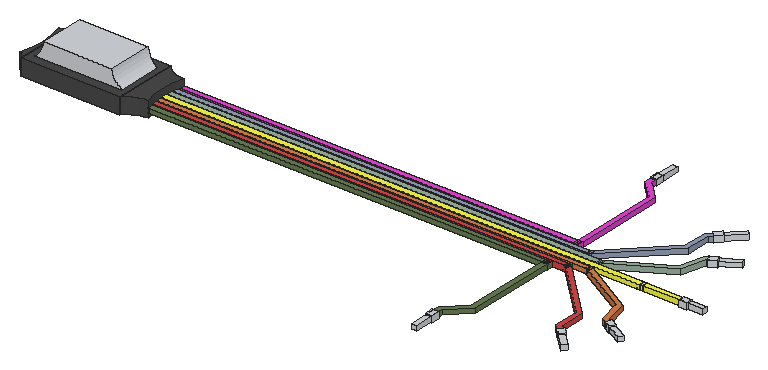
Revit family "DIGIDIM Mini Input Unit _444", category Electrical Fixtures, Revit 2018
Family settings
  Maintain Annotation Orientation = No
  Round Connector Dimension = Use Diameter
  Part Type = Normal
  OmniClass Number = 23.80.00.00
  OmniClass Title = Electric Power and Lighting
  Work Plane-Based = Yes
  Always vertical = No
  Cut with Voids When Loaded = No
  Shared = No
  Room Calculation Point = No
Parameters (values of type "Mini Input UNIT")
  Weight = "10 g"
  Voltage-free switched inputs: = "5 V nominal with switch open,\r\nmust be less than 0.3 V with switch closed."
  Type Comments = "Helvar"
  Storage temperature = "−10 °C to +70 °C"
  Short-circuit current = "0.5 mA maximum"
  Safety = "EN 61347-2-11"
  Relative humidity = "Max. 90 %, noncondensing"
  Overload protection = "± 7 V"
  Mounting = "For installation in a suitably enclosed location only."
  Manufacturer = "444"
  Isolation = "No isolation from DALI network: switches must provide user protection."
  Inputs: = "4 inputs (active low)\r\nCOM Input Ground"
  IP code: = "IP20"
  DARK GREEN WIRE ANGLE [instance] = 90.00°
  RED WIRE ANGLE [instance] = 45.00°
  Environment = "Complies with WEEE and RoHS\r\ndirectives"
  EMC immunity = "EN 61547"
  EMC emission = "EN 55015"
  ORANGE WIRE ANGLE [instance] = 30.00°
  Dimensions: = "Encapsulated printed circuit board"
  Default Elevation = 0 mm
  Debounce period = "50 ms"
  DALI supply output = "None (Use external DALI power supply.)"
  DALI consumption = "10 mA"
  DALI Connection = "Ribbon cable terminated with\r\n1.2 mm ferrules."
  YELLOW WIRE ANGLE [instance] = 0.00°
  Cable length = "170mm. Do NOT increase length of switch input cable."
  GREEN WIRE ANGLE [instance] = 30.00°
  BLUE WIRE ANGLE [instance] = 45.00°
  Ambient temperature = "0 °C to +40 °C"
  MAGENTA WIRE ANGLE [instance] = 90.00°
Reference planes
  plane 1 "Center (Front/Back)": y = 0
  plane 2: z = 0
  plane 3 "Center (Left/Right)": x = 0
  plane 4: x = 210
  plane 5: x = 160
  plane 6: x = 115
  plane 7: x = 120
  plane 8: x = 125
  plane 9: y = 6.259
  plane 10: y = -6.259
  plane 11: y = 4.143
  plane 12: y = 2.01
  plane 13: x = 140
  plane 14: y = -2.01
  plane 15: y = -4.143
  plane 16: x = 160
  plane 17: x = -50
  plane 18: z = 10
  plane 19: x = -9.967
Forms (mm)
  Extrusion 1, solid, material "WIRE A."
    sketch origin (0, 0, 0) x (1, 0, 0) y (0, 1, 0)
      loop
        arc (-9.967, 7.009) -> (-10.226, 6.214) -> (-10.455, 5.409) r 22.33
        line (-10.455, 5.409) -> (115, 5.409) -> (115, 7.009) -> (-9.967, 7.009)
    from 1.5 to 3
  Sweep 2, solid, material "WIRE A."
    path origin (115, 6.259, 0) x (0, 1, 0) y (-1, 0, 0)
      loop
        line (0, 0) -> (28.868, 0) -> (34.407, 5.54) -> (36.488, 5.54)
    profile origin (115, 20.693, 0) x (-1, 0, 0) y (0, 0, 1)
      loop
        line (-0.85, 3) -> (-0.85, 1.5) -> (0.75, 1.5) -> (0.75, 3) -> (-0.85, 3)
  Sweep 3, solid, material "WIRE B."
    path origin (120, 4.143, 0) x (0.707107, 0.707107, 0) y (-0.707107, 0.707107, 0)
      loop
        line (0, 0) -> (24.316, 0) -> (29.641, 5.325) -> (31.427, 5.325)
    profile origin (128.597, 12.74, 0) x (-0.707107, 0.707107, 0) y (0, 0, 1)
      loop
        line (-0.85, 3) -> (-0.85, 1.5) -> (0.75, 1.5) -> (0.75, 3) -> (-0.85, 3)
  Extrusion 4, solid
    sketch origin (115.85, 6.259, 3) x (0, 1, 0) y (-1, 0, 0)
      loop
        line (36.488, 7.14) -> (36.488, 5.54) -> (39.488, 5.54) -> (45, 5.54) -> (45, 7.14) -> (39.488, 7.14) -> (36.488, 7.14)
    from -1.5 to 0
  Extrusion 5, solid
    sketch origin (108.71, 51.259, 3) x (1, 0, 0) y (0, 0, -1)
      loop
        line (1.8, -0.2) -> (1.8, 1.7) -> (-0.2, 1.7) -> (-0.2, -0.2) -> (1.8, -0.2)
      loop
        line (1.6, 0) -> (1.6, 1.5) -> (0, 1.5) -> (0, 0) -> (1.6, 0)
    from -8.512 to -6.08
  Extrusion 6, solid
    sketch origin (120.601, 3.542, 3) x (0.707107, 0.707107, 0) y (-0.707107, 0.707107, 0)
      loop
        line (31.427, 6.925) -> (31.427, 5.325) -> (40, 5.325) -> (40, 6.925) -> (31.427, 6.925)
    from -1.5 to 0
  Extrusion 7, solid
    sketch origin (143.988, 36.724, 3) x (0.707107, -0.707107, 0) y (0, 0, -1)
      loop
        line (1.6, 0) -> (1.6, 1.5) -> (0, 1.5) -> (0, 0) -> (1.6, 0)
      loop
        line (1.8, -0.2) -> (1.8, 1.7) -> (-0.2, 1.7) -> (-0.2, -0.2) -> (1.8, -0.2)
    from -8.573 to -6.08
  Sweep 8, solid, material "WIRE C."
    path origin (125, 2.01, 3) x (0.866025, 0.5, 0) y (-0.5, 0.866025, 0)
      loop
        line (0, 0) -> (20, 0) -> (25.379, 5.379) -> (26.488, 5.379)
    profile origin (133.66, 7.01, 3) x (-0.5, 0.866025, 0) y (0, 0, 1)
      loop
        line (-0.85, 0) -> (-0.85, -1.5) -> (0.75, -1.5) -> (0.75, 0) -> (-0.85, 0)
  Extrusion 9, solid
    sketch origin (145.249, 19.913, 3) x (0, 0, 1) y (0.5, -0.866025, 0)
      loop
        line (0, 0.85) -> (-1.5, 0.85) -> (-1.5, -0.75) -> (0, -0.75) -> (0, 0.85)
      loop
        line (0.2, -0.95) -> (0.2, 1.05) -> (-1.7, 1.05) -> (-1.7, -0.95) -> (0.2, -0.95)
    from -0.061 to 2.432
  Sweep 10, solid, material "WIRE D."
    path origin (140, 0, 3) x (1, 0, 0) y (0, 1, 0)
      loop
        line (0, 0) -> (12.644, 0)
    profile origin (146.322, 0, 3) x (0, 1, 0) y (0, 0, 1)
      loop
        line (-0.864, 0) -> (-0.864, -1.5) -> (0.736, -1.5) -> (0.736, 0) -> (-0.864, 0)
  Extrusion 11, solid
    sketch origin (152.644, 0, 3) x (0, 0, 1) y (0, -1, 0)
      loop
        line (0, 0.864) -> (-1.5, 0.864) -> (-1.5, -0.736) -> (0, -0.736) -> (0, 0.864)
      loop
        line (0.2, -0.936) -> (0.2, 1.064) -> (-1.7, 1.064) -> (-1.7, -0.936) -> (0.2, -0.936)
    from 0 to 2.5
  Sweep 12, solid, material "WIRE E."
    path origin (125, -2.01, 3) x (0.866025, -0.5, 0) y (0.5, 0.866025, 0)
      loop
        line (0, 0) -> (20.352, 0) -> (25.681, -5.329) -> (27.322, -5.329)
    profile origin (133.813, -7.098, 3) x (0.5, 0.866025, 0) y (0, 0, 1)
      loop
        line (-0.85, 0) -> (-0.85, -1.5) -> (0.75, -1.5) -> (0.75, 0) -> (-0.85, 0)
  Extrusion 13, solid
    sketch origin (145.997, -20.286, 3) x (0, 0, 1) y (-0.5, -0.866025, 0)
      loop
        line (0, 0.85) -> (-1.5, 0.85) -> (-1.5, -0.75) -> (0, -0.75) -> (0, 0.85)
      loop
        line (0.2, -0.95) -> (0.2, 1.05) -> (-1.7, 1.05) -> (-1.7, -0.95) -> (0.2, -0.95)
    from -0.435 to 2.077
  Sweep 14, solid, material "WIRE F."
    path origin (120, -4.143, 3) x (0.707107, -0.707107, 0) y (0.707107, 0.707107, 0)
      loop
        line (0, 0) -> (24.668, 0) -> (29.993, -5.325) -> (31.929, -5.325)
    profile origin (128.721, -12.865, 3) x (0.707107, 0.707107, 0) y (0, 0, 1)
      loop
        line (-0.85, 0) -> (-0.85, -1.5) -> (0.75, -1.5) -> (0.75, 0) -> (-0.85, 0)
  Extrusion 15, solid
    sketch origin (138.812, -30.486, 3) x (0, 0, 1) y (-0.707107, -0.707107, 0)
      loop
        line (0, 0.85) -> (-1.5, 0.85) -> (-1.5, -0.75) -> (0, -0.75) -> (0, 0.85)
      loop
        line (0.2, -0.95) -> (0.2, 1.05) -> (-1.7, 1.05) -> (-1.7, -0.95) -> (0.2, -0.95)
    from -0.042 to 2.47
  Sweep 16, solid, material "WIRE G."
    path origin (115, -6.259, 3) x (0, -1, 0) y (1, 0, 0)
      loop
        line (0, 0) -> (28.678, 0) -> (34.608, -5.929) -> (36.488, -5.929)
    profile origin (115, -20.598, 3) x (1, 0, 0) y (0, 0, 1)
      loop
        line (-0.75, 0) -> (-0.75, -1.5) -> (0.85, -1.5) -> (0.85, 0) -> (-0.75, 0)
  Extrusion 17, solid
    sketch origin (109.071, -42.747, 3) x (0, 0, 1) y (-1, 0, 0)
      loop
        line (0, 0.75) -> (-1.5, 0.75) -> (-1.5, -0.85) -> (0, -0.85) -> (0, 0.75)
      loop
        line (0.2, 0.95) -> (-1.7, 0.95) -> (-1.7, -1.05) -> (0.2, -1.05) -> (0.2, 0.95)
    from 0 to 2.691
  Extrusion 18, solid
    sketch origin (145.249, 19.913, 3) x (0, 0, 1) y (0.5, -0.866025, 0)
      loop
        line (0, 0.85) -> (-1.5, 0.85) -> (-1.5, -0.75) -> (0, -0.75) -> (0, 0.85)
    from -0.061 to 8.512
  Extrusion 19, solid
    sketch origin (152.644, 0, 3) x (0, 0, 1) y (0, -1, 0)
      loop
        line (0, 0.864) -> (-1.5, 0.864) -> (-1.5, -0.736) -> (0, -0.736) -> (0, 0.864)
    from 0 to 7.28
  Extrusion 20, solid
    sketch origin (145.997, -20.286, 3) x (0, 0, 1) y (-0.5, -0.866025, 0)
      loop
        line (0, 0.85) -> (-1.5, 0.85) -> (-1.5, -0.75) -> (0, -0.75) -> (0, 0.85)
    from 0 to 7.678
  Extrusion 21, solid
    sketch origin (138.812, -30.486, 3) x (0, 0, 1) y (-0.707107, -0.707107, 0)
      loop
        line (0, 0.85) -> (-1.5, 0.85) -> (-1.5, -0.75) -> (0, -0.75) -> (0, 0.85)
    from -0.042 to 8.071
  Extrusion 22, solid
    sketch origin (109.071, -42.747, 3) x (0, 0, 1) y (-1, 0, 0)
      loop
        line (0, 0.75) -> (-1.5, 0.75) -> (-1.5, -0.85) -> (0, -0.85) -> (0, 0.75)
    from 0 to 8.512
  Extrusion 23, solid, material "WIRE B."
    sketch origin (0, 0, 5) x (1, 0, 0) y (0, 1, 0)
      loop
        line (120, 4.893) -> (-10.577, 4.893)
        arc (-10.577, 4.893) -> (-10.693, 4.095) -> (-10.78, 3.293) r 22.33
        line (-10.78, 3.293) -> (120, 3.293) -> (120, 4.893)
    from -3.5 to -2
  Extrusion 24, solid, material "WIRE C."
    sketch origin (0, 0, 5) x (1, 0, 0) y (0, 1, 0)
      loop
        line (125, 2.763) -> (-10.935, 2.763)
        arc (-10.935, 2.763) -> (-11.027, 1.963) -> (-11.091, 1.16) r 22.277
        line (-11.091, 1.16) -> (125, 1.16) -> (125, 2.763)
    from -3.5 to -2
  Extrusion 25, solid, material "WIRE D."
    sketch origin (0, 0, 5) x (1, 0, 0) y (0, 1, 0)
      loop
        line (140, 0.736) -> (-11.04, 0.736)
        arc (-11.04, 0.736) -> (-11.156, -0.06) -> (-11.242, -0.86) r 22.122
        line (-11.242, -0.86) -> (140, -0.86) -> (140, 0.736)
    from -3.5 to -2
  Extrusion 26, solid, material "WIRE E."
    sketch origin (0, 0, 5) x (1, 0, 0) y (0, 1, 0)
      loop
        line (125, -1.26) -> (-10.985, -1.26)
        arc (-10.985, -1.26) -> (-11.078, -2.059) -> (-11.142, -2.861) r 22.036
        line (-11.142, -2.861) -> (125, -2.861) -> (125, -1.26)
    from -3.5 to -2
  Extrusion 27, solid, material "WIRE F."
    sketch origin (0, 0, 5) x (1, 0, 0) y (0, 1, 0)
      loop
        line (120, -3.392) -> (-10.823, -3.392)
        arc (-10.823, -3.392) -> (-10.674, -4.196) -> (-10.496, -4.993) r 22.33
        line (-10.496, -4.993) -> (120, -4.993) -> (120, -3.392)
    from -3.5 to -2
  Extrusion 28, solid, material "WIRE G."
    sketch origin (0, 0, 0) x (1, 0, 0) y (0, 1, 0)
      loop
        arc (-10.319, -5.409) -> (-10.199, -6.212) -> (-10.05, -7.009) r 22.33
        line (-10.05, -7.009) -> (115, -7.009) -> (115, -5.409) -> (-10.319, -5.409)
    from 1.5 to 3
  Extrusion 29, solid, material "BLACK MATERIAL"
    sketch origin (-50, 0, 0) x (1, 0, 0) y (0, 1, 0)
      loop
        line (2.15, 10) -> (2.15, -10) -> (33.35, -10) -> (33.35, 10) -> (2.15, 10)
    from 0 to 5
  Extrusion 30, solid, material "BLACK MATERIAL"
    sketch origin (-50, 0, 0) x (1, 0, 0) y (0, 1, 0)
      loop
        arc (0, 7.5) -> (1.244, 0) -> (0, -7.5) r 23.239
        arc (0, -7.5) -> (1.399, -8.472) -> (2.15, -10) r 3.399
        line (2.15, -10) -> (2.15, 10)
        arc (2.15, 10) -> (1.399, 8.472) -> (0, 7.5) r 3.399
    from 0 to 5
  Extrusion 31, solid, material "BLACK MATERIAL"
    sketch origin (-40, 0, 0) x (1, 0, 0) y (0, 1, 0)
      loop
        line (23.35, 10) -> (23.35, -10)
        arc (23.35, -10) -> (26.384, -7.724) -> (30.108, -7.009) r 8.421
        arc (30.108, -7.009) -> (28.98, 0) -> (30.108, 7.009) r 22.33
        arc (30.108, 7.009) -> (26.384, 7.724) -> (23.35, 10) r 8.421
    from 0 to 5
  Extrusion 32, solid
    sketch origin (-50, 0, 0) x (1, 0, 0) y (0, 0, 1)
      loop
        arc (7.125, 10) -> (6.237, 7.179) -> (4.238, 5) r 6.813
        line (4.238, 5) -> (31.467, 5)
        arc (31.467, 5) -> (29.468, 7.179) -> (28.58, 10) r 6.813
        line (28.58, 10) -> (7.125, 10)
    from -7.009 to 7.009
  Extrusion 33, solid, material "WIRE A."
    sketch origin (0, 0, 3) x (1, 0, 0) y (0, 1, 0)
      loop
        line (114.25, 7.009) -> (114.25, 5.409) -> (115.85, 5.409) -> (115.85, 7.009) -> (114.25, 7.009)
    from -1.5 to 0
  Extrusion 34, solid, material "WIRE B."
    sketch origin (0, 0, 3) x (1, 0, 0) y (0, 1, 0)
      loop
        line (119.25, 4.893) -> (119.25, 3.293) -> (120.85, 3.293) -> (120.85, 4.893) -> (119.25, 4.893)
    from -1.5 to 0
  Extrusion 35, solid, material "WIRE C."
    sketch origin (0, 0, 3) x (1, 0, 0) y (0, 1, 0)
      loop
        line (124.25, 2.763) -> (124.25, 1.16) -> (125.85, 1.16) -> (125.85, 2.763) -> (124.25, 2.763)
    from -1.5 to 0
  Extrusion 36, solid, material "WIRE D."
    sketch origin (0, 0, 3) x (1, 0, 0) y (0, 1, 0)
      loop
        line (139.264, 0.736) -> (139.264, -0.86) -> (140.864, -0.86) -> (140.864, 0.736) -> (139.264, 0.736)
    from -1.5 to 0
  Extrusion 37, solid, material "WIRE E."
    sketch origin (0, 0, 3) x (1, 0, 0) y (0, 1, 0)
      loop
        line (124.15, -2.861) -> (125.75, -2.861) -> (125.75, -1.26) -> (124.15, -1.26) -> (124.15, -2.861)
    from -1.5 to 0
  Extrusion 38, solid, material "WIRE F."
    sketch origin (0, 0, 3) x (1, 0, 0) y (0, 1, 0)
      loop
        line (119.15, -4.993) -> (120.75, -4.993) -> (120.75, -3.392) -> (119.15, -3.392) -> (119.15, -4.993)
    from -1.5 to 0
  Extrusion 39, solid, material "WIRE G."
    sketch origin (0, 0, 3) x (1, 0, 0) y (0, 1, 0)
      loop
        line (114.25, -7.009) -> (115.85, -7.009) -> (115.85, -5.409) -> (114.25, -5.409) -> (114.25, -7.009)
    from -1.5 to 0
Lines and regions (mm)
  reference lines
    curve 1: line (115, 6.259, 0) -> (115, 25.194, 0)
    curve 2: line (120, 4.143, 0) -> (132.949, 17.092, 0)
    curve 3: line (125, 2.01, 3) -> (137.326, 9.126, 3)
    curve 4: line (140, 0, 3) -> (157.557, 0, 3)
    curve 5: line (125, -2.01, 3) -> (135.944, -8.329, 3)
    curve 6: line (120, -4.143, 3) -> (130.607, -14.75, 3)
    curve 7: line (115, -6.259, 3) -> (115, -20.029, 3)
Dimensions and locks
  plane 17 to plane 16 = 210 mm
  plane 17 to plane 19 = 40.033 mm
  "MAGENTA WIRE ANGLE": angle plane 9 to curve 1
  "BLUE WIRE ANGLE": angle plane 11 to curve 2
  "GREEN WIRE ANGLE": angle plane 12 to curve 3
  "YELLOW WIRE ANGLE": angle plane 1 "Center (Front/Back)" to curve 4
  "ORANGE WIRE ANGLE": angle curve 5 to plane 14
  "RED WIRE ANGLE": angle curve 6 to plane 15
  "DARK GREEN WIRE ANGLE": angle curve 7 to plane 10
  aligned and locked: level to plane 2
  aligned and locked: Extrusion 1 to plane 6
  aligned and locked: plane 9 to curve 1
  aligned and locked: plane 6 to curve 1
  aligned and locked: plane 7 to curve 2
  aligned and locked: plane 11 to curve 2
  aligned and locked: plane 8 to curve 3
  aligned and locked: plane 12 to curve 3
  aligned and locked: plane 13 to curve 4
  aligned and locked: plane 1 "Center (Front/Back)" to curve 4
  aligned and locked: plane 14 to curve 5
  aligned and locked: plane 8 to curve 5
  aligned and locked: plane 7 to curve 6
  aligned and locked: plane 15 to curve 6
  aligned and locked: plane 10 to curve 7
  aligned and locked: plane 6 to curve 7
Automatic sketch dimensions
  Extrusion 1 sketch curve to plane 6 = 0 mm
  plane 1 "Center (Front/Back)" to Extrusion 1 sketch curve = 0.298 mm
  Extrusion 1 sketch curve to plane 9 = 0.85 mm
  Sweep 2 sketch curve to curve 1 = 0 mm  (x2)
  curve 1 to Sweep 2 sketch curve = 9.932 mm
  Sweep 2 sketch curve to Sweep 2 sketch curve = 5.54 mm
  Sweep 2 sketch curve to curve 1 = 5.54 mm
  Sweep 2 sketch curve to Sweep 2 sketch curve = 2.081 mm
  profile plane to Sweep 2 sketch curve = 0.85 mm
  Sweep 2 sketch curve to profile plane = 0.75 mm
  profile plane to Sweep 2 sketch curve = 1.5 mm
  Sweep 2 sketch curve to Sweep 2 sketch curve = 1.5 mm
  Sweep 3 sketch curve to curve 2 = 0 mm  (x2)
  curve 2 to Sweep 3 sketch curve = 6.004 mm
  Sweep 3 sketch curve to Sweep 3 sketch curve = 5.325 mm
  Sweep 3 sketch curve to curve 2 = 5.325 mm
  Sweep 3 sketch curve to Sweep 3 sketch curve = 1.786 mm
  profile plane to Sweep 3 sketch curve = 0.85 mm
  Sweep 3 sketch curve to profile plane = 0.75 mm
  profile plane to Sweep 3 sketch curve = 1.5 mm
  Sweep 3 sketch curve to Sweep 3 sketch curve = 1.5 mm
  Extrusion 4 sketch curve to Sweep 2 = 0 mm
  Sweep 2 to Extrusion 4 sketch curve = 0 mm  (x2)
  Sweep 2 to Extrusion 4 sketch curve = 3 mm
  Extrusion 4 sketch curve to Extrusion 4 sketch curve = 0 mm
  Extrusion 4 sketch curve to Extrusion 4 sketch curve = 5.512 mm
  Extrusion 4 to Extrusion 5 sketch curve = 0 mm
  Extrusion 5 sketch curve to Extrusion 4 = 0 mm  (x3)
  Extrusion 4 to Extrusion 5 sketch curve = 0.2 mm
  Extrusion 5 sketch curve to Extrusion 4 = 0.2 mm  (x3)
  Sweep 3 to Extrusion 6 sketch curve = 0 mm  (x2)
  Extrusion 6 sketch curve to Sweep 3 = 0 mm
  Sweep 3 to Extrusion 6 sketch curve = 8.573 mm
  Extrusion 6 to Extrusion 7 sketch curve = 0 mm
  Extrusion 7 sketch curve to Extrusion 6 = 0 mm  (x3)
  Extrusion 7 sketch curve to Extrusion 6 = 0.2 mm  (x4)
  Sweep 8 sketch curve to curve 3 = 0 mm  (x2)
  curve 3 to Sweep 8 sketch curve = 5.768 mm
  Sweep 8 sketch curve to Sweep 8 sketch curve = 5.379 mm
  Sweep 8 sketch curve to curve 3 = 5.379 mm
  Sweep 8 sketch curve to Sweep 8 sketch curve = 1.108 mm
  Sweep 8 sketch curve to profile plane = 0 mm
  profile plane to Sweep 8 sketch curve = 0.85 mm
  Sweep 8 sketch curve to profile plane = 0.75 mm
  Sweep 8 sketch curve to profile plane = 1.5 mm
  Extrusion 9 sketch curve to Sweep 8 = 0 mm  (x3)
  Sweep 8 to Extrusion 9 sketch curve = 0 mm
  Extrusion 9 sketch curve to Sweep 8 = 0.2 mm  (x2)
  Sweep 8 to Extrusion 9 sketch curve = 0.2 mm  (x2)
  Sweep 10 sketch curve to profile plane = 0 mm
  profile plane to Sweep 10 sketch curve = 0.864 mm
  Sweep 10 sketch curve to profile plane = 0.736 mm
  Sweep 10 sketch curve to profile plane = 1.5 mm
  Sweep 12 sketch curve to curve 5 = 0 mm  (x2)
  curve 5 to Sweep 12 sketch curve = 7.716 mm
  Sweep 12 sketch curve to Sweep 12 sketch curve = 5.329 mm
  curve 5 to Sweep 12 sketch curve = 5.329 mm
  Sweep 12 sketch curve to Sweep 12 sketch curve = 1.64 mm
  Sweep 12 sketch curve to profile plane = 0 mm
  profile plane to Sweep 12 sketch curve = 0.85 mm
  Sweep 12 sketch curve to profile plane = 0.75 mm
  Sweep 12 sketch curve to Sweep 12 sketch curve = 1.5 mm
  Extrusion 13 sketch curve to Sweep 12 = 0 mm  (x3)
  Sweep 12 to Extrusion 13 sketch curve = 0 mm
  Extrusion 13 sketch curve to Sweep 12 = 0.2 mm  (x2)
  Sweep 12 to Extrusion 13 sketch curve = 0.2 mm  (x2)
  Sweep 14 sketch curve to curve 6 = 0 mm  (x2)
  curve 6 to Sweep 14 sketch curve = 9.668 mm
  Sweep 14 sketch curve to Sweep 14 sketch curve = 5.325 mm
  curve 6 to Sweep 14 sketch curve = 5.325 mm
  Sweep 14 sketch curve to Sweep 14 sketch curve = 1.936 mm
  Sweep 14 sketch curve to profile plane = 0 mm
  profile plane to Sweep 14 sketch curve = 0.85 mm
  Sweep 14 sketch curve to profile plane = 0.75 mm
  Sweep 14 sketch curve to profile plane = 1.5 mm
  Extrusion 15 sketch curve to Sweep 14 = 0 mm  (x3)
  Sweep 14 to Extrusion 15 sketch curve = 0 mm
  Extrusion 15 sketch curve to Sweep 14 = 0.2 mm  (x2)
  Sweep 14 to Extrusion 15 sketch curve = 0.2 mm  (x2)
  Sweep 16 sketch curve to curve 7 = 0 mm  (x2)
  curve 7 to Sweep 16 sketch curve = 14.909 mm
  Sweep 16 sketch curve to Sweep 16 sketch curve = 5.929 mm
  curve 7 to Sweep 16 sketch curve = 5.929 mm
  Sweep 16 sketch curve to Sweep 16 sketch curve = 1.88 mm
  Sweep 16 sketch curve to profile plane = 0 mm
  profile plane to Sweep 16 sketch curve = 0.75 mm
  Sweep 16 sketch curve to profile plane = 0.85 mm
  Sweep 16 sketch curve to profile plane = 1.5 mm
  Extrusion 17 sketch curve to Sweep 16 = 0 mm  (x3)
  Sweep 16 to Extrusion 17 sketch curve = 0 mm
  Extrusion 17 sketch curve to Sweep 16 = 0.2 mm  (x2)
  Sweep 16 to Extrusion 17 sketch curve = 0.2 mm  (x2)
  Extrusion 18 sketch curve to Sweep 8 = 0 mm  (x3)
  Sweep 8 to Extrusion 18 sketch curve = 0 mm
  Extrusion 20 sketch curve to Sweep 12 = 0 mm  (x3)
  Sweep 12 to Extrusion 20 sketch curve = 0 mm
  Extrusion 21 sketch curve to Sweep 14 = 0 mm  (x3)
  Sweep 14 to Extrusion 21 sketch curve = 0 mm
  Extrusion 22 sketch curve to Sweep 16 = 0 mm  (x4)
  Extrusion 23 sketch curve to plane 1 "Center (Front/Back)" = 1.289 mm
  Extrusion 23 sketch curve to plane 7 = 0 mm
  Extrusion 23 sketch curve to plane 11 = 0.85 mm
  Extrusion 24 sketch curve to plane 8 = 0 mm
  plane 14 to Extrusion 24 sketch curve = 1.817 mm
  Extrusion 24 sketch curve to plane 12 = 0.85 mm
  Extrusion 25 sketch curve to plane 13 = 0 mm
  Extrusion 25 sketch curve to plane 14 = 0.827 mm
  plane 1 "Center (Front/Back)" to Extrusion 25 sketch curve = 0.86 mm
  Extrusion 25 sketch curve to Extrusion 25 sketch curve = 0.202 mm
  Extrusion 26 sketch curve to plane 8 = 0 mm
  Extrusion 26 sketch curve to plane 15 = 0.073 mm
  Extrusion 26 sketch curve to plane 14 = 0.851 mm
  Extrusion 26 sketch curve to Extrusion 26 sketch curve = 0.157 mm
  Extrusion 27 sketch curve to plane 1 "Center (Front/Back)" = 0.269 mm
  Extrusion 27 sketch curve to plane 7 = 0 mm
  plane 15 to Extrusion 27 sketch curve = 0.752 mm
  plane 1 "Center (Front/Back)" to Extrusion 28 sketch curve = 2.507 mm
  Extrusion 28 sketch curve to plane 6 = 0 mm
  plane 10 to Extrusion 28 sketch curve = 0.85 mm
  plane 17 to Extrusion 29 sketch curve = 2.15 mm
  Extrusion 29 sketch curve to plane 3 "Center (Left/Right)" = 16.65 mm
  Extrusion 29 sketch curve to plane 10 = 3.741 mm
  plane 9 to Extrusion 29 sketch curve = 3.741 mm
  plane 1 "Center (Front/Back)" to Extrusion 30 sketch curve = 0 mm
  Extrusion 30 sketch curve to plane 17 = 0 mm  (x2)
  Extrusion 30 sketch curve to plane 17 = 1.178 mm  (x2)
  Extrusion 30 sketch curve to plane 17 = 21.996 mm
  plane 17 to Extrusion 30 sketch curve = 2.15 mm
  Extrusion 30 sketch curve to plane 10 = 3.741 mm
  Extrusion 30 sketch curve to Extrusion 30 sketch curve = 0.688 mm
  Extrusion 30 sketch curve to Extrusion 30 sketch curve = 2.5 mm
  Extrusion 32 sketch curve to plane 18 = 0 mm
  plane 17 to Extrusion 32 sketch curve = 0.337 mm
  plane 17 to Extrusion 32 sketch curve = 4.238 mm
  Extrusion 32 sketch curve to Extrusion 32 sketch curve = 2.887 mm  (x2)
  Extrusion 32 sketch curve to plane 3 "Center (Left/Right)" = 21.42 mm
  Extrusion 32 sketch curve to plane 18 = 0.586 mm
  Extrusion 32 sketch curve to Extrusion 32 sketch curve = 6.788 mm
  plane 1 "Center (Front/Back)" to Extrusion 31 sketch curve = 0 mm
  plane 9 to Extrusion 31 sketch curve = 3.741 mm
  Extrusion 31 sketch curve to plane 3 "Center (Left/Right)" = 16.65 mm
  Extrusion 31 sketch curve to Extrusion 31 sketch curve = 6.442 mm  (x2)
  plane 3 "Center (Left/Right)" to Extrusion 31 sketch curve = 11.309 mm
  Extrusion 31 sketch curve to plane 10 = 3.741 mm
  Extrusion 31 sketch curve to Extrusion 31 sketch curve = 5.424 mm  (x2)
  plane 9 to Extrusion 31 sketch curve = 0.75 mm
  Sweep 10 sketch curve to curve 4 = 0 mm  (x2)
  Sweep 10 sketch curve to curve 4 = 4.913 mm
  Extrusion 11 sketch curve to Sweep 10 = 0 mm  (x3)
  Sweep 10 to Extrusion 11 sketch curve = 0 mm
  Extrusion 11 sketch curve to Sweep 10 = 0.2 mm  (x4)
  Extrusion 19 sketch curve to Sweep 10 = 0 mm  (x3)
  Sweep 10 to Extrusion 19 sketch curve = 0 mm
  plane 3 "Center (Left/Right)" to Extrusion 1 sketch curve = 11.133 mm
  plane 9 to Extrusion 1 sketch curve = 0.75 mm
  Extrusion 1 sketch curve to plane 3 "Center (Left/Right)" = 9.967 mm
  plane 3 "Center (Left/Right)" to Extrusion 23 sketch curve = 11.46 mm
  plane 11 to Extrusion 23 sketch curve = 0.75 mm
  Extrusion 23 sketch curve to plane 3 "Center (Left/Right)" = 10.577 mm
  plane 3 "Center (Left/Right)" to Extrusion 24 sketch curve = 11.145 mm
  plane 12 to Extrusion 24 sketch curve = 0.753 mm
  Extrusion 24 sketch curve to plane 3 "Center (Left/Right)" = 10.935 mm
  plane 3 "Center (Left/Right)" to Extrusion 25 sketch curve = 10.792 mm
  Extrusion 25 sketch curve to plane 1 "Center (Front/Back)" = 0.736 mm
  plane 3 "Center (Left/Right)" to Extrusion 26 sketch curve = 10.852 mm
  plane 14 to Extrusion 26 sketch curve = 0.75 mm
  plane 3 "Center (Left/Right)" to Extrusion 27 sketch curve = 11.205 mm
  Extrusion 27 sketch curve to plane 15 = 0.85 mm
  Extrusion 27 sketch curve to plane 3 "Center (Left/Right)" = 10.496 mm
  plane 3 "Center (Left/Right)" to Extrusion 28 sketch curve = 11.822 mm
  Extrusion 28 sketch curve to plane 10 = 0.75 mm
  Extrusion 28 sketch curve to plane 3 "Center (Left/Right)" = 10.05 mm
  Extrusion 33 sketch curve to Extrusion 1 = 0 mm
  Extrusion 1 to Extrusion 33 sketch curve = 0 mm
  Extrusion 33 sketch curve to Extrusion 1 = 0.75 mm
  Extrusion 1 to Extrusion 33 sketch curve = 0.85 mm
  Extrusion 34 sketch curve to Extrusion 23 = 0 mm
  Extrusion 23 to Extrusion 34 sketch curve = 0 mm
  Extrusion 34 sketch curve to Extrusion 23 = 0.75 mm
  Extrusion 23 to Extrusion 34 sketch curve = 0.85 mm
  Extrusion 35 sketch curve to Extrusion 24 = 0 mm
  Extrusion 24 to Extrusion 35 sketch curve = 0 mm
  Extrusion 35 sketch curve to Extrusion 24 = 0.75 mm
  Extrusion 24 to Extrusion 35 sketch curve = 0.85 mm
  Extrusion 36 sketch curve to Extrusion 25 = 0 mm
  Extrusion 25 to Extrusion 36 sketch curve = 0 mm
  Extrusion 36 sketch curve to Extrusion 25 = 0.736 mm
  Extrusion 25 to Extrusion 36 sketch curve = 0.864 mm
  Extrusion 26 to Extrusion 37 sketch curve = 0 mm  (x2)
  Extrusion 37 sketch curve to Extrusion 26 = 0.85 mm
  Extrusion 26 to Extrusion 37 sketch curve = 0.75 mm
  Extrusion 27 to Extrusion 38 sketch curve = 0 mm  (x2)
  Extrusion 38 sketch curve to Extrusion 27 = 0.85 mm
  Extrusion 27 to Extrusion 38 sketch curve = 0.75 mm
  Extrusion 27 to Extrusion 39 sketch curve = 0.416 mm
  Extrusion 39 sketch curve to Extrusion 27 = 5.75 mm
  Extrusion 39 sketch curve to Extrusion 39 sketch curve = 1.6 mm  (x2)
